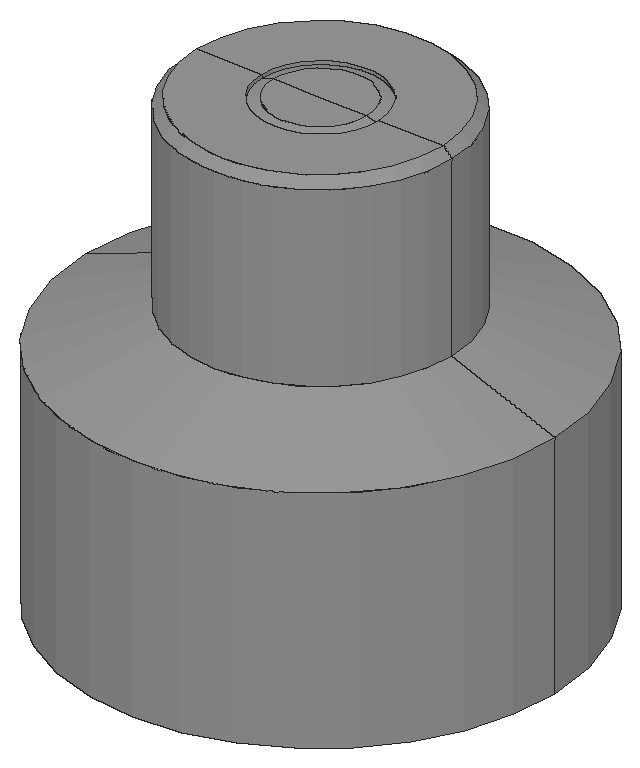
Revit family "4068692 Sylvania Lighting Fixture PATHE WALL ROUND1 59LM LED 3K", category Lighting Fixtures, host Face, Revit 2016
Family settings
  Host = Face
  Part Type = Normal
  Round Connector Dimension = Use Diameter
  OmniClass Number = 23.80.70.00
  OmniClass Title = Lighting
  Cut with Voids When Loaded = No
  Light Source = Yes
  Shared = No
  Room Calculation Point = No
Parameters (values of type "4068692 PATHE/W/R1 59LM LED 3K")
  Weight = "0.235 kg"
  Wattage Comments = ""
  Wattage = 1.5 W
  WarrantyStartDate [instance] = "n/a"
  WarrantyGuarantorParts = "n/a"
  WarrantyDurationUnit = "n/a"
  WarrantyDurationParts = "n/a"
  WarrantyDescription = "n/a"
  built-in parameter 1150110 = 1 (stored number, unit not read)
  Voltage = 0 V
  URL = "http://www.sylvania-lighting.com"
  TypeName = "PATHE/WALL/ROUND1 59LM LED 3K"
  Type Image = <None>
  Type Comments = "n/a"
  built-in parameter 1114217 = 1 (stored number, unit not read)
  Tilt Angle = 90.00°
  built-in parameter 1150109 = 1 (stored number, unit not read)
  built-in parameter 1150134 = (empty or 0)
  built-in parameter 1150113 = 1 (stored number, unit not read)
  SerialNumber [instance] = "n/a"
  Radius_SYL = 22.5 mm
  RadiusDiffuser_SYL = 10 mm
  Photometric Web File = "4068692.ies"
  Material_3_SYL = none
  PowerFactor = 0
  PowerConsumption = "1.5 W"
  NominalLength = 45 mm
  NominalHeight = 75 mm
  NominalDepth = 0 mm
  Name = "PATHE/WALL/ROUND1 59LM LED 3K"
  ModelReference = Name  # "PATHE/WALL/ROUND1 59LM LED 3K"
  ModelNumber = "4068692"
  Model = Name  # "PATHE/WALL/ROUND1 59LM LED 3K"
  Material = "corrosion resistant anodized aluminum housing, tempered safety glass diffuser"
  ManufacturerName = "Feilo Sylvania"
  Manufacturer = "Feilo Sylvania"
  LuminousEfficacy = "39.33 lm/W"
  built-in parameter 1150105 = 4.6951 (stored number, unit not read)
  Lumens = 59 lm
  LuminaireType = ""
  built-in parameter 1150115 = 1 (stored number, unit not read)
  LightOutputRatio = "100"
  built-in parameter 1150137 = (empty or 0)
  built-in parameter 1150139 = (empty or 0)
  LampsType = Lamp  # "LED"
  LampNominalLuminous = "59 lm"
  LampMacAdamStep = "n/a"
  LampColourTemperature = "3000 K"
  LampColourRenderingIndex = "80"
  built-in parameter 1150112 = 1 (stored number, unit not read)
  built-in parameter 1150114 = 1 (stored number, unit not read)
  Lamp = "LED"
  Keynote = "16500"
  InstallationDate [instance] = "n/a"
  InputVoltage = "n/a"
  InputNominalFrequency = "n/a"
  built-in parameter 1150132 = (empty or 0)
  built-in parameter 1150102 = (empty or 0)
  built-in parameter 1150107 = 3000 (stored number, unit not read)
  built-in parameter 1150138 = (empty or 0)
  IngressProtection = "IP68"
  ImpactProtectionIndex = "IK10"
  built-in parameter 1150106 = 0.046951 (stored number, unit not read)
  IfcExportType = "IfcLightFixtureType"
  IfcExportAs = "IfcLightFixtureType"
  HieghtTop_SYL = 2 mm
  ExpectedLife = 50000
  Emit from Circle Diameter = RadiusDiffuser_SYL * 2  # 20 mm
  Emit Shape Visible in Rendering = no
  ElectricShockClassification = "Class III"
  built-in parameter 1150104 = 3.6542 (stored number, unit not read)
  DurationUnit = "hours"
  DocumentationLiterature = "http://www.sylvania-lighting.com/product/en-int/products/4068692"
  DimmingControlOptions = "n/a"
  Material_2_SYL = Polycarbonate, Clear
  Dimming Lamp Color Temperature Shift = <None>
  Description = "Round recessed wall luminaireCorrosion resistant anodized aluminum, 59lm, 1.5W, 39lm/W, 3000K, CRI80+, non dimmable, IP68, IK10, (ØxD) Ø45x75mm, 3 step MacAdam ellipse, class III, 12-24V-DC, A++ A+ A"
  Default Elevation = 1219.2 mm
  CreatedOn = "9/21/2018"
  CreatedBy = "@sylvania-lighting.com"
  Cost = 0
  Color Filter = 16777215
  built-in parameter 1114216 [instance] = (empty or 0)
  ClassificationValue = "EF_70_80"
  ClassificationName = "Uniclass2015"
  Material_1_SYL = Aluminum 6061 T6 80 Hot Formed
  ChamferTop_SYL = 1.5 mm
  ChamferDiffuserTop_SYL = 2 mm
  ChamferDiffuserSide_SYL = 0.5 mm
  BarCode [instance] = "n/a"
  built-in parameter 1114218 = 1 (stored number, unit not read)
  built-in parameter 1150133 = 10 (stored number, unit not read)
  AssetType = "Fixed"
  AssetIdentifier [instance] = "n/a"
  Assembly Code = "D5020200"
  Apparent Load = 1.5 VA
  Material_4_SYL = none
Reference planes
  plane 1 "Center (Front/Back)": y = 0
  plane 2: z = 0
  plane 3 "Center (Left/Right)": x = 0
  plane 4: x = -40
  plane 5: x = -22.5
  plane 6: z = -75
  plane 7: x = -10
  plane 8: z = 2
  plane 9: x = -21
  plane 10: z = -36
  plane 11: z = -29.5
  plane 12: x = -8
  plane 13: z = 1.5
  plane 14: z = -6
  plane 15: z = 0.5
Forms (mm)
  Revolve 1, solid, material "Aluminum 6061 T6 80 Hot Formed" <- "Material_1_SYL"
    sketch origin (0, 0, 0) x (1, 0, 0) y (0, 0, 1)
      loop
        line (0, -75) -> (0, -6) -> (-21, -6) -> (-21, 0) -> (-10, 0) -> (-10, 2) -> (-21, 2) -> (-22.5, 0.5) -> (-22.5, -29.5) -> (-40, -36) -> (-40, -75) -> (0, -75)
      axis (0, 2) -> (0, -75)
    angle from 360 to 0
  Revolve 2, solid, material "Polycarbonate, Clear" <- "Material_2_SYL"
    sketch origin (0, 0, 0) x (1, 0, 0) y (0, 0, 1)
      loop
        line (-10, 1.5) -> (-10, 0) -> (0, 0) -> (0, 2) -> (-8, 2) -> (-10, 1.5)
      axis (0, 2) -> (0, 0)
    angle from 360 to 0
  Revolve 3, void
    sketch origin (0, 0, 0) x (1, 0, 0) y (0, 0, 1)
      loop
        line (0, 0) -> (-22.5, 0) -> (-22.5, -29.5) -> (-40, -36) -> (-40, -75) -> (0, -75) -> (0, 0)
      axis (0, 0) -> (0, -75)
    angle from 360 to 0
Cuts and joins
  Revolve 3 cuts Revolve 2
Dimensions and locks
  locked: plane 2 to plane 6 at 75
  locked: plane 3 "Center (Left/Right)" to plane 4 at 40
  "Radius_SYL": plane 3 "Center (Left/Right)" to plane 5
  "RadiusDiffuser_SYL": plane 3 "Center (Left/Right)" to plane 7
  "ChamferTop_SYL": plane 9 to plane 5
  "ChamferDiffuserSide_SYL": plane 8 to plane 13
  "ChamferDiffuserTop_SYL": plane 12 to plane 7
  locked: plane 2 to plane 14 at 6
  "ChamferTop_SYL": plane 8 to plane 15
  "HieghtTop_SYL": plane 8 to plane 2
  aligned and locked: plane 2 to host face
  aligned and locked: level to host face
  aligned and locked: Revolve 1 sketch curve to plane 3 "Center (Left/Right)"  (x2)
  aligned and locked: plane 3 "Center (Left/Right)" to Revolve 1 sketch curve
  aligned and locked: Revolve 1 sketch curve to plane 6
  aligned and locked: plane 4 to Revolve 1 sketch curve
  aligned and locked: plane 5 to Revolve 1 sketch curve
  aligned and locked: plane 8 to Revolve 1 sketch curve
  aligned and locked: level to Revolve 1 sketch curve
  aligned and locked: plane 9 to Revolve 1 sketch curve  (x2)
  aligned and locked: plane 7 to Revolve 1 sketch curve
  aligned and locked: plane 8 to Revolve 2 sketch curve
  aligned and locked: Revolve 2 sketch curve to plane 3 "Center (Left/Right)"  (x2)
  aligned and locked: Revolve 1 to Revolve 2 sketch curve
  aligned and locked: plane 14 to Revolve 1 sketch curve
  aligned and locked: plane 12 to Revolve 2 sketch curve
  aligned and locked: plane 7 to Revolve 2 sketch curve
  aligned and locked: plane 13 to Revolve 2 sketch curve
  aligned and locked: imposter light to plane 8
  aligned and locked: imposter light to plane 1 "Center (Front/Back)"
  aligned and locked: plane 3 "Center (Left/Right)" to imposter light
  aligned and locked: plane 15 to Revolve 1 sketch curve
  aligned and locked: Revolve 3 sketch curve to plane 3 "Center (Left/Right)"
  aligned and locked: plane 3 "Center (Left/Right)" to Revolve 3 sketch curve  (x2)
  aligned and locked: Revolve 3 sketch curve to Revolve 1  (x3)
  aligned and locked: Revolve 3 sketch curve to plane 5
  aligned and locked: Revolve 1 to Revolve 3 sketch curve
Automatic sketch dimensions
  host sketch curve to host sketch curve = 2438.4 mm  (x2)
  plane 6 to Revolve 2 sketch curve = 534.6 mm
  Revolve 2 sketch curve to Revolve 2 sketch curve = 2607.058 mm
  Revolve 1 sketch curve to plane 10 = 0 mm
  Revolve 1 sketch curve to plane 11 = 0 mm
  plane 6 to Revolve 1 sketch curve = 534.6 mm
  Revolve 1 sketch curve to plane 8 = 2607.058 mm
  Revolve 3 sketch curve to plane 11 = 0 mm
  plane 6 to Revolve 3 sketch curve = 534.6 mm
  Revolve 3 sketch curve to plane 8 = 2607.058 mm
Connectors
  electrical at (0, 0, 0), driven by "Apparent Load", driven by "PowerFactor", driven by "Voltage"
    settings: index 1, voltage 0 V, apparent load 1.5 VA, apparent load phase1 0 VA, apparent load phase2 0 VA, apparent load phase3 0 VA, power factor 0, load classification "Lighting", number of poles 1, system type 30, power factor state 1, is connector primary yes, connector utility no, sub classification motor no, connector description ""
